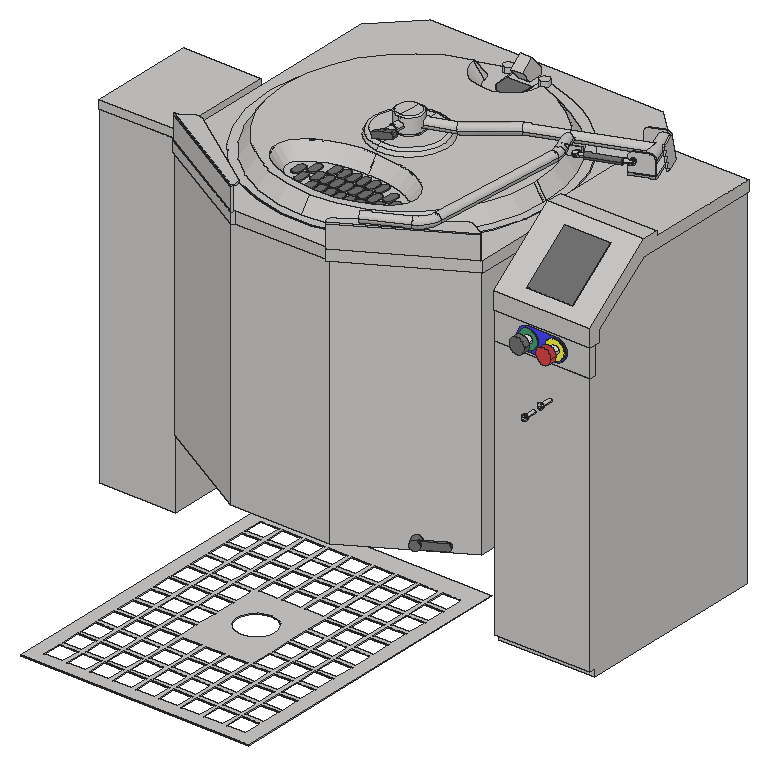
Revit family "QF_DIETATEC_CELER_150_180516035824", category Specialty Equipment, Revit 2015 (continued)
Definition of nested family "QF_Dietatec_CELER_150_FL"
  Lines and regions (mm)
    symbolic lines
      curve 132: line (568.963, -1259.201, 0) -> (568.963, -1209.201, 0)
      curve 133: line (578.963, -1259.201, 0) -> (628.963, -1259.201, 0)
      curve 134: line (578.963, -1209.201, 0) -> (578.963, -1259.201, 0)
      curve 135: line (628.963, -1209.201, 0) -> (578.963, -1209.201, 0)
      curve 136: line (628.963, -1259.201, 0) -> (628.963, -1209.201, 0)
      curve 137: line (638.963, -1259.201, 0) -> (688.963, -1259.201, 0)
      curve 138: line (638.963, -1209.201, 0) -> (638.963, -1259.201, 0)
      curve 139: line (688.963, -1209.201, 0) -> (638.963, -1209.201, 0)
      curve 140: line (688.963, -1259.201, 0) -> (688.963, -1209.201, 0)
      curve 141: line (158.963, -1199.201, 0) -> (208.963, -1199.201, 0)
      curve 142: line (158.963, -1149.201, 0) -> (158.963, -1199.201, 0)
      curve 143: line (208.963, -1149.201, 0) -> (158.963, -1149.201, 0)
      curve 144: line (208.963, -1199.201, 0) -> (208.963, -1149.201, 0)
      curve 145: line (218.963, -1199.201, 0) -> (268.963, -1199.201, 0)
      curve 146: line (218.963, -1149.201, 0) -> (218.963, -1199.201, 0)
      curve 147: line (268.963, -1149.201, 0) -> (218.963, -1149.201, 0)
      curve 148: line (268.963, -1199.201, 0) -> (268.963, -1149.201, 0)
      curve 149: line (278.963, -1199.201, 0) -> (328.963, -1199.201, 0)
      curve 150: line (278.963, -1149.201, 0) -> (278.963, -1199.201, 0)
      curve 151: line (328.963, -1149.201, 0) -> (278.963, -1149.201, 0)
      curve 152: line (328.963, -1199.201, 0) -> (328.963, -1149.201, 0)
      curve 153: line (338.963, -1199.201, 0) -> (388.963, -1199.201, 0)
      curve 154: line (338.963, -1149.201, 0) -> (338.963, -1199.201, 0)
      curve 155: line (388.963, -1149.201, 0) -> (338.963, -1149.201, 0)
      curve 156: line (388.963, -1199.201, 0) -> (388.963, -1149.201, 0)
      curve 157: line (398.963, -1199.201, 0) -> (448.963, -1199.201, 0)
      curve 158: line (398.963, -1149.201, 0) -> (398.963, -1199.201, 0)
      curve 159: line (448.963, -1149.201, 0) -> (398.963, -1149.201, 0)
      curve 160: line (448.963, -1199.201, 0) -> (448.963, -1149.201, 0)
      curve 161: line (458.963, -1199.201, 0) -> (508.963, -1199.201, 0)
      curve 162: line (458.963, -1149.201, 0) -> (458.963, -1199.201, 0)
      curve 163: line (508.963, -1149.201, 0) -> (458.963, -1149.201, 0)
      curve 164: line (508.963, -1199.201, 0) -> (508.963, -1149.201, 0)
      curve 165: line (518.963, -1199.201, 0) -> (568.963, -1199.201, 0)
      curve 166: line (518.963, -1149.201, 0) -> (518.963, -1199.201, 0)
      curve 167: line (568.963, -1149.201, 0) -> (518.963, -1149.201, 0)
      curve 168: line (568.963, -1199.201, 0) -> (568.963, -1149.201, 0)
      curve 169: line (578.963, -1199.201, 0) -> (628.963, -1199.201, 0)
      curve 170: line (578.963, -1149.201, 0) -> (578.963, -1199.201, 0)
      curve 171: line (628.963, -1149.201, 0) -> (578.963, -1149.201, 0)
      curve 172: line (628.963, -1199.201, 0) -> (628.963, -1149.201, 0)
      curve 173: line (638.963, -1199.201, 0) -> (688.963, -1199.201, 0)
      curve 174: line (638.963, -1149.201, 0) -> (638.963, -1199.201, 0)
      curve 175: line (688.963, -1149.201, 0) -> (638.963, -1149.201, 0)
      curve 176: line (688.963, -1199.201, 0) -> (688.963, -1149.201, 0)
      curve 177: line (158.963, -1139.201, 0) -> (208.963, -1139.201, 0)
      curve 178: line (158.963, -1089.201, 0) -> (158.963, -1139.201, 0)
      curve 179: line (208.963, -1089.201, 0) -> (158.963, -1089.201, 0)
      curve 180: line (208.963, -1139.201, 0) -> (208.963, -1089.201, 0)
      curve 181: line (218.963, -1139.201, 0) -> (268.963, -1139.201, 0)
      curve 182: line (218.963, -1089.201, 0) -> (218.963, -1139.201, 0)
      curve 183: line (268.963, -1089.201, 0) -> (218.963, -1089.201, 0)
      curve 184: line (268.963, -1139.201, 0) -> (268.963, -1089.201, 0)
      curve 185: line (278.963, -1139.201, 0) -> (328.963, -1139.201, 0)
      curve 186: line (278.963, -1089.201, 0) -> (278.963, -1139.201, 0)
      curve 187: line (328.963, -1089.201, 0) -> (278.963, -1089.201, 0)
      curve 188: line (328.963, -1139.201, 0) -> (328.963, -1089.201, 0)
      curve 189: line (338.963, -1139.201, 0) -> (388.963, -1139.201, 0)
      curve 190: line (338.963, -1089.201, 0) -> (338.963, -1139.201, 0)
      curve 191: line (388.963, -1089.201, 0) -> (338.963, -1089.201, 0)
      curve 192: line (388.963, -1139.201, 0) -> (388.963, -1089.201, 0)
      curve 193: line (398.963, -1139.201, 0) -> (448.963, -1139.201, 0)
      curve 194: line (398.963, -1089.201, 0) -> (398.963, -1139.201, 0)
      curve 195: line (448.963, -1089.201, 0) -> (398.963, -1089.201, 0)
      curve 196: line (448.963, -1139.201, 0) -> (448.963, -1089.201, 0)
      curve 197: line (458.963, -1139.201, 0) -> (508.963, -1139.201, 0)
      curve 198: line (458.963, -1089.201, 0) -> (458.963, -1139.201, 0)
      curve 199: line (508.963, -1089.201, 0) -> (458.963, -1089.201, 0)
      curve 200: line (508.963, -1139.201, 0) -> (508.963, -1089.201, 0)
      curve 201: line (518.963, -1139.201, 0) -> (568.963, -1139.201, 0)
      curve 202: line (518.963, -1089.201, 0) -> (518.963, -1139.201, 0)
      curve 203: line (568.963, -1089.201, 0) -> (518.963, -1089.201, 0)
      curve 204: line (568.963, -1139.201, 0) -> (568.963, -1089.201, 0)
      curve 205: line (578.963, -1139.201, 0) -> (628.963, -1139.201, 0)
      curve 206: line (578.963, -1089.201, 0) -> (578.963, -1139.201, 0)
      curve 207: line (628.963, -1089.201, 0) -> (578.963, -1089.201, 0)
      curve 208: line (628.963, -1139.201, 0) -> (628.963, -1089.201, 0)
      curve 209: line (638.963, -1139.201, 0) -> (688.963, -1139.201, 0)
      curve 210: line (638.963, -1089.201, 0) -> (638.963, -1139.201, 0)
      curve 211: line (688.963, -1089.201, 0) -> (638.963, -1089.201, 0)
      curve 212: line (688.963, -1139.201, 0) -> (688.963, -1089.201, 0)
      curve 213: line (158.963, -1079.201, 0) -> (208.963, -1079.201, 0)
      curve 214: line (158.963, -1029.201, 0) -> (158.963, -1079.201, 0)
      curve 215: line (208.963, -1029.201, 0) -> (158.963, -1029.201, 0)
      curve 216: line (208.963, -1079.201, 0) -> (208.963, -1029.201, 0)
      curve 217: line (218.963, -1079.201, 0) -> (268.963, -1079.201, 0)
      curve 218: line (218.963, -1029.201, 0) -> (218.963, -1079.201, 0)
      curve 219: line (268.963, -1029.201, 0) -> (218.963, -1029.201, 0)
      curve 220: line (268.963, -1079.201, 0) -> (268.963, -1029.201, 0)
      curve 221: line (278.963, -1079.201, 0) -> (328.963, -1079.201, 0)
      curve 222: line (278.963, -1029.201, 0) -> (278.963, -1079.201, 0)
      curve 223: line (328.963, -1029.201, 0) -> (278.963, -1029.201, 0)
      curve 224: line (328.963, -1079.201, 0) -> (328.963, -1029.201, 0)
      curve 225: line (518.963, -1079.201, 0) -> (568.963, -1079.201, 0)
      curve 226: line (518.963, -1029.201, 0) -> (518.963, -1079.201, 0)
      curve 227: line (568.963, -1029.201, 0) -> (518.963, -1029.201, 0)
      curve 228: line (568.963, -1079.201, 0) -> (568.963, -1029.201, 0)
      curve 229: line (578.963, -1079.201, 0) -> (628.963, -1079.201, 0)
      curve 230: line (578.963, -1029.201, 0) -> (578.963, -1079.201, 0)
      curve 231: line (628.963, -1029.201, 0) -> (578.963, -1029.201, 0)
      curve 232: line (628.963, -1079.201, 0) -> (628.963, -1029.201, 0)
      curve 233: line (638.963, -1079.201, 0) -> (688.963, -1079.201, 0)
      curve 234: line (638.963, -1029.201, 0) -> (638.963, -1079.201, 0)
      curve 235: line (688.963, -1029.201, 0) -> (638.963, -1029.201, 0)
      curve 236: line (688.963, -1079.201, 0) -> (688.963, -1029.201, 0)
      curve 237: line (158.963, -1019.201, 0) -> (208.963, -1019.201, 0)
      curve 238: line (158.963, -969.201, 0) -> (158.963, -1019.201, 0)
      curve 239: line (208.963, -969.201, 0) -> (158.963, -969.201, 0)
      curve 240: line (208.963, -1019.201, 0) -> (208.963, -969.201, 0)
      curve 241: line (218.963, -1019.201, 0) -> (268.963, -1019.201, 0)
      curve 242: line (218.963, -969.201, 0) -> (218.963, -1019.201, 0)
      curve 243: line (268.963, -969.201, 0) -> (218.963, -969.201, 0)
      curve 244: line (268.963, -1019.201, 0) -> (268.963, -969.201, 0)
      curve 245: line (278.963, -1019.201, 0) -> (328.963, -1019.201, 0)
      curve 246: line (278.963, -969.201, 0) -> (278.963, -1019.201, 0)
      curve 247: line (328.963, -969.201, 0) -> (278.963, -969.201, 0)
      curve 248: line (328.963, -1019.201, 0) -> (328.963, -969.201, 0)
      curve 249: line (518.963, -1019.201, 0) -> (568.963, -1019.201, 0)
      curve 250: line (518.963, -969.201, 0) -> (518.963, -1019.201, 0)
      curve 251: line (568.963, -969.201, 0) -> (518.963, -969.201, 0)
      curve 252: line (568.963, -1019.201, 0) -> (568.963, -969.201, 0)
      curve 253: line (578.963, -1019.201, 0) -> (628.963, -1019.201, 0)
      curve 254: line (578.963, -969.201, 0) -> (578.963, -1019.201, 0)
      curve 255: line (628.963, -969.201, 0) -> (578.963, -969.201, 0)
      curve 256: line (628.963, -1019.201, 0) -> (628.963, -969.201, 0)
      curve 257: line (638.963, -1019.201, 0) -> (688.963, -1019.201, 0)
      curve 258: line (638.963, -969.201, 0) -> (638.963, -1019.201, 0)
      curve 259: line (688.963, -969.201, 0) -> (638.963, -969.201, 0)
      curve 260: line (688.963, -1019.201, 0) -> (688.963, -969.201, 0)
      curve 261: line (158.963, -959.201, 0) -> (208.963, -959.201, 0)
      curve 262: line (158.963, -909.201, 0) -> (158.963, -959.201, 0)
      curve 263: line (208.963, -909.201, 0) -> (158.963, -909.201, 0)
      curve 264: line (208.963, -959.201, 0) -> (208.963, -909.201, 0)
      curve 265: line (218.963, -959.201, 0) -> (268.963, -959.201, 0)
      curve 266: line (218.963, -909.201, 0) -> (218.963, -959.201, 0)
      curve 267: line (268.963, -909.201, 0) -> (218.963, -909.201, 0)
      curve 268: line (268.963, -959.201, 0) -> (268.963, -909.201, 0)
      curve 269: line (278.963, -959.201, 0) -> (328.963, -959.201, 0)
      curve 270: line (278.963, -909.201, 0) -> (278.963, -959.201, 0)
      curve 271: line (328.963, -909.201, 0) -> (278.963, -909.201, 0)
      curve 272: line (328.963, -959.201, 0) -> (328.963, -909.201, 0)
      curve 273: line (518.963, -959.201, 0) -> (568.963, -959.201, 0)
      curve 274: line (518.963, -909.201, 0) -> (518.963, -959.201, 0)
      curve 275: line (568.963, -909.201, 0) -> (518.963, -909.201, 0)
      curve 276: line (568.963, -959.201, 0) -> (568.963, -909.201, 0)
      curve 277: line (578.963, -959.201, 0) -> (628.963, -959.201, 0)
      curve 278: line (578.963, -909.201, 0) -> (578.963, -959.201, 0)
      curve 279: line (628.963, -909.201, 0) -> (578.963, -909.201, 0)
      curve 280: line (628.963, -959.201, 0) -> (628.963, -909.201, 0)
      curve 281: line (638.963, -959.201, 0) -> (688.963, -959.201, 0)
      curve 282: line (638.963, -909.201, 0) -> (638.963, -959.201, 0)
      curve 283: line (688.963, -909.201, 0) -> (638.963, -909.201, 0)
      curve 284: line (688.963, -959.201, 0) -> (688.963, -909.201, 0)
      curve 285: line (158.963, -899.201, 0) -> (208.963, -899.201, 0)
      curve 286: line (158.963, -849.201, 0) -> (158.963, -899.201, 0)
      curve 287: line (208.963, -849.201, 0) -> (158.963, -849.201, 0)
      curve 288: line (208.963, -899.201, 0) -> (208.963, -849.201, 0)
      curve 289: line (218.963, -899.201, 0) -> (268.963, -899.201, 0)
      curve 290: line (218.963, -849.201, 0) -> (218.963, -899.201, 0)
      curve 291: line (242.625, -849.201, 0) -> (218.963, -849.201, 0)
      curve 292: line (268.963, -899.201, 0) -> (268.963, -864.407, 0)
      curve 293: line (278.963, -899.201, 0) -> (328.963, -899.201, 0)
      curve 294: line (278.963, -870.18, 0) -> (278.963, -899.201, 0)
      curve 295: line (328.963, -899.201, 0) -> (328.963, -874.954, 0)
      curve 296: line (518.963, -899.201, 0) -> (568.963, -899.201, 0)
      curve 297: line (518.963, -874.954, 0) -> (518.963, -899.201, 0)
      curve 298: line (568.963, -899.201, 0) -> (568.963, -870.18, 0)
      curve 299: line (578.963, -899.201, 0) -> (628.963, -899.201, 0)
      curve 300: line (578.963, -864.407, 0) -> (578.963, -899.201, 0)
      curve 301: line (628.963, -899.201, 0) -> (628.963, -867.899, 0)
      curve 302: line (638.963, -899.201, 0) -> (688.963, -899.201, 0)
      curve 303: line (638.963, -863.022, 0) -> (638.963, -899.201, 0)
      curve 304: line (688.963, -849.201, 0) -> (667.3, -849.201, 0)
      curve 305: line (688.963, -899.201, 0) -> (688.963, -849.201, 0)
      curve 306: arc (735.97, -766.993, 0) -> (729.638, -785.381, 0) -> (714.961, -798.14, 0) r 37.57
      curve 307: arc (726.303, -820.423, 0) -> (750.495, -799.394, 0) -> (760.931, -769.086, 0) r 61.924
      curve 308: arc (785.792, -413.556, 0) -> (785.254, -399.87, 0) -> (781.767, -386.625, 0) r 62.903
      curve 309: arc (758.563, -395.937, 0) -> (760.542, -403.456, 0) -> (760.848, -411.226, 0) r 35.711
      curve 310: line (806.484, -360.326, 0) -> (776.143, -371.973, 0)
      curve 311: line (777.218, -374.774, 0) -> (807.559, -363.127, 0)
      curve 312: line (807.559, -363.127, 0) -> (806.484, -360.326, 0)
      curve 313: line (792.347, -354.774, 0) -> (796.081, -353.34, 0)
      curve 314: line (804.654, -367.303, 0) -> (795.318, -370.886, 0)
      curve 315: line (803.116, -384.643, 0) -> (808.064, -382.743, 0)
      curve 316: line (817.683, -362.877, 0) -> (823.059, -376.88, 0)
      curve 317: line (894.237, -333.491, 0) -> (899.612, -347.494, 0)
      curve 318: line (792.347, -354.774, 0) -> (791.771, -356.066, 0)
      curve 319: line (791.771, -356.066, 0) -> (795.086, -364.701, 0)
      curve 320: line (795.318, -370.886, 0) -> (794.294, -368.219, 0)
      curve 321: line (796.081, -353.34, 0) -> (797.373, -353.916, 0)
      curve 322: line (797.373, -353.916, 0) -> (800.688, -362.551, 0)
      curve 323: line (804.654, -367.303, 0) -> (803.63, -364.635, 0)
      curve 324: line (803.116, -384.643, 0) -> (802.005, -381.749, 0)
      curve 325: line (798.739, -373.362, 0) -> (797.182, -370.171, 0)
      curve 326: line (808.064, -382.743, 0) -> (806.953, -379.849, 0)
      curve 327: line (803.769, -371.431, 0) -> (802.79, -368.018, 0)
      curve 328: line (795.079, -374.767, 0) -> (818.758, -365.677, 0)
      curve 329: line (798.304, -383.169, 0) -> (821.984, -374.08, 0)
      curve 330: arc (795.079, -374.767, 0) -> (795.405, -379.462, 0) -> (798.304, -383.169, 0) r 8.039
      curve 331: line (817.683, -362.877, 0) -> (894.237, -333.491, 0)
      curve 332: line (823.059, -376.88, 0) -> (899.612, -347.494, 0)
      curve 333: line (918.988, -327.203, 0) -> (895.312, -336.291, 0)
      curve 334: line (922.213, -335.605, 0) -> (898.537, -344.693, 0)
      curve 335: arc (918.988, -327.203, 0) -> (921.884, -330.911, 0) -> (922.213, -335.605, 0) r 8.055
      curve 336: line (914.679, -341.818, 0) -> (919.627, -339.919, 0)
      curve 337: line (919.627, -339.919, 0) -> (918.516, -337.024, 0)
      curve 338: line (915.331, -328.606, 0) -> (914.353, -325.193, 0)
      curve 339: line (914.679, -341.818, 0) -> (913.568, -338.924, 0)
      curve 340: line (910.302, -330.537, 0) -> (908.745, -327.346, 0)
      curve 341: line (906.881, -328.061, 0) -> (916.217, -324.478, 0)
      curve 342: line (916.217, -324.478, 0) -> (915.103, -321.577, 0)
      curve 343: line (906.881, -328.061, 0) -> (905.768, -325.161, 0)
      curve 344: line (903.334, -313.241, 0) -> (903.909, -311.949, 0)
      curve 345: line (903.909, -311.949, 0) -> (907.644, -310.515, 0)
      curve 346: line (907.644, -310.515, 0) -> (908.936, -311.091, 0)
      curve 347: line (908.936, -311.091, 0) -> (911.803, -318.559, 0)
      curve 348: line (903.334, -313.241, 0) -> (906.201, -320.709, 0)
      curve 349: line (883.912, -287.759, 0) -> (899.232, -327.669, 0)
      curve 350: line (118, -0.009, 0) -> (17.528, -100.481, 0)
      curve 351: line (17.528, -100.481, 0) -> (17.528, -719.241, 0)
      curve 352: line (19.933, -720.63, 0) -> (123.963, -780.691, 0)
      curve 353: line (548.244, -882.143, 0) -> (734.668, -774.51, 0)
      curve 354: line (830.397, -719.241, 0) -> (830.397, -100.481, 0)
      curve 355: line (830.397, -100.481, 0) -> (729.925, -0.009, 0)
      curve 356: line (118, -0.009, 0) -> (729.925, -0.009, 0)
      curve 357: line (1.502, -511.058, 0) -> (0, -511.058, 0)
      curve 358: line (1.502, -511.058, 0) -> (1.502, -516.614, 0)
      curve 359: line (1.502, -516.614, 0) -> (15.667, -516.614, 0)
      curve 360: line (15.667, -516.614, 0) -> (15.667, -515.478, 0)
      curve 361: line (15.667, -515.478, 0) -> (17.528, -515.478, 0)
      curve 362: line (1.502, -611.167, 0) -> (0, -611.167, 0)
      curve 363: line (1.502, -611.167, 0) -> (1.502, -605.611, 0)
      curve 364: line (1.502, -605.611, 0) -> (15.667, -605.611, 0)
      curve 365: line (15.667, -605.611, 0) -> (15.667, -606.747, 0)
      curve 366: line (15.667, -606.747, 0) -> (17.528, -606.747, 0)
      curve 367: line (846.423, -511.058, 0) -> (847.351, -511.058, 0)
      curve 368: line (846.423, -511.058, 0) -> (846.423, -516.614, 0)
      curve 369: line (846.423, -516.614, 0) -> (831.423, -516.614, 0)
      curve 370: line (832.258, -516.614, 0) -> (832.258, -515.478, 0)
      curve 371: line (832.258, -515.478, 0) -> (830.397, -515.478, 0)
      curve 372: line (846.423, -611.167, 0) -> (847.351, -611.167, 0)
      curve 373: line (846.423, -611.167, 0) -> (846.423, -605.611, 0)
      curve 374: line (846.423, -605.611, 0) -> (832.258, -605.611, 0)
      curve 375: line (832.258, -605.611, 0) -> (832.258, -606.747, 0)
      curve 376: line (832.258, -606.747, 0) -> (830.397, -606.747, 0)
      curve 377: line (787.247, -764.939, 0) -> (789.747, -769.269, 0)
      curve 378: line (789.747, -769.269, 0) -> (756.326, -788.564, 0)
      curve 379: line (787.247, -764.939, 0) -> (758.819, -781.351, 0)
      curve 380: arc (417.166, -548.182, 0) -> (326.772, -444.196, 0) -> (430.759, -353.802, 0) r 97.428
      curve 381: arc (430.759, -353.802, 0) -> (476.735, -369.094, 0) -> (509.659, -404.642, 0) r 97.428
      curve 382: line (21.683, -717.599, 0) -> (19.933, -720.63, 0)
      curve 383: line (28.256, -715.851, 0) -> (21.683, -717.599, 0)
      curve 384: line (56.229, -699.701, 0) -> (28.256, -715.851, 0)
      curve 385: arc (77.724, -700.639, 0) -> (67.113, -697.037, 0) -> (56.229, -699.701, 0) r 20.022
      curve 386: line (295.378, -853.042, 0) -> (77.724, -700.639, 0)
      curve 387: arc (301.234, -879.454, 0) -> (303.441, -865.11, 0) -> (295.378, -853.042, 0) r 20.022
      curve 388: line (299.681, -882.143, 0) -> (301.234, -879.454, 0)
      curve 389: line (123.963, -780.691, 0) -> (299.681, -882.143, 0)
      curve 390: line (303.831, -874.954, 0) -> (544.094, -874.954, 0)
      curve 391: arc (552.547, -853.042, 0) -> (544.484, -865.11, 0) -> (546.691, -879.454, 0) r 20.022
      curve 392: line (546.691, -879.454, 0) -> (548.244, -882.143, 0)
      curve 393: line (770.201, -700.639, 0) -> (765.486, -703.94, 0)
      curve 394: arc (791.696, -699.701, 0) -> (780.812, -697.037, 0) -> (770.201, -700.639, 0) r 20.022
      curve 395: line (819.669, -715.851, 0) -> (791.696, -699.701, 0)
      curve 396: line (826.242, -717.599, 0) -> (819.669, -715.851, 0)
      curve 397: line (827.992, -720.63, 0) -> (826.242, -717.599, 0)
      curve 398: line (707.033, -802.007, 0) -> (702.036, -793.351, 0)
      curve 399: line (727.082, -788.746, 0) -> (722.815, -781.354, 0)
      curve 400: arc (373.388, -53.748, 0) -> (333.109, -65.59, 0) -> (293.965, -80.765, 0) r 500.546
      curve 401: arc (293.965, -80.765, 0) -> (251.378, -100.836, 0) -> (211.77, -126.287, 0) r 360.393
      curve 402: arc (211.77, -126.287, 0) -> (91.855, -260.942, 0) -> (48.553, -435.976, 0) r 375.41
      curve 403: line (48.553, -435.976, 0) -> (48.553, -450.992, 0)
      curve 404: arc (48.553, -450.992, 0) -> (322.372, -812.395, 0) -> (744.389, -646.591, 0) r 375.41
      curve 405: line (799.372, -450.992, 0) -> (799.372, -435.976, 0)
      curve 406: arc (799.372, -435.976, 0) -> (795.269, -380.621, 0) -> (783.048, -326.477, 0) r 375.41
      curve 407: arc (553.96, -80.765, 0) -> (514.816, -65.59, 0) -> (474.537, -53.748, 0) r 500.546
      curve 408: arc (636.155, -126.287, 0) -> (596.547, -100.836, 0) -> (553.96, -80.765, 0) r 360.393
      curve 409: arc (471.472, -78.41, 0) -> (458.953, -65.891, 0) -> (471.472, -53.372, 0) r 12.519
      curve 410: arc (471.472, -53.372, 0) -> (483.991, -65.891, 0) -> (471.472, -78.41, 0) r 12.519
      curve 411: line (459.001, -63.727, 0) -> (459.001, -79.406, 0)
      curve 412: arc (454.98, -123.634, 0) -> (457.993, -101.611, 0) -> (459.001, -79.406, 0) r 245.268
      curve 413: arc (392.945, -123.634, 0) -> (423.963, -149.482, 0) -> (454.98, -123.634, 0) r 31.534
      curve 414: arc (389.143, -89.77, 0) -> (390.455, -106.768, 0) -> (392.945, -123.634, 0) r 245.268
      curve 415: arc (392.945, -123.634, 0) -> (389.932, -101.611, 0) -> (388.924, -79.406, 0) r 245.268
      curve 416: line (388.924, -79.406, 0) -> (388.924, -63.727, 0)
      curve 417: arc (376.453, -78.41, 0) -> (388.972, -65.891, 0) -> (376.453, -53.372, 0) r 12.519
      curve 418: arc (376.453, -53.372, 0) -> (363.934, -65.891, 0) -> (376.453, -78.41, 0) r 12.519
      curve 419: arc (458.782, -89.77, 0) -> (448.89, -88.953, 0) -> (438.979, -88.407, 0) r 362.896
      curve 420: line (408.946, -37.248, 0) -> (408.946, -98.033, 0)
      curve 421: line (408.946, -98.033, 0) -> (438.979, -98.033, 0)
      curve 422: line (438.979, -98.033, 0) -> (438.979, -37.248, 0)
      curve 423: line (408.946, -73.721, 0) -> (438.979, -73.721, 0)
      curve 424: line (438.979, -37.248, 0) -> (408.946, -37.248, 0)
      curve 425: arc (330.575, -127.323, 0) -> (161.603, -245.354, 0) -> (96.697, -440.981, 0) r 327.265
      curve 426: arc (336.201, -130.917, 0) -> (334.209, -127.834, 0) -> (330.575, -127.323, 0) r 4.413
      curve 427: arc (511.724, -130.917, 0) -> (423.963, -206.817, 0) -> (336.201, -130.917, 0) r 88.689
      curve 428: arc (517.35, -127.323, 0) -> (513.716, -127.834, 0) -> (511.724, -130.917, 0) r 4.413
      curve 429: arc (751.228, -440.981, 0) -> (747.555, -392.091, 0) -> (736.62, -344.299, 0) r 327.265
      curve 430: line (96.697, -440.981, 0) -> (96.697, -450.992, 0)
      curve 431: arc (96.697, -450.992, 0) -> (423.963, -778.257, 0) -> (751.228, -450.992, 0) r 327.265
      curve 432: line (751.228, -450.992, 0) -> (751.228, -440.981, 0)
      curve 433: line (158.963, -839.201, 0) -> (158.963, -800.898, 0)
      curve 434: line (158.963, -839.201, 0) -> (208.963, -839.201, 0)
      curve 435: line (208.963, -839.201, 0) -> (208.963, -829.766, 0)
      curve 436: line (761.64, -758.938, 0) -> (827.992, -720.63, 0)
      curve 437: line (723.963, -821.565, 0) -> (726.303, -820.423, 0)
      curve 438: line (761.64, -758.938, 0) -> (785.792, -413.556, 0)
      curve 439: arc (518.633, -427.976, 0) -> (498.413, -513.836, 0) -> (417.166, -548.182, 0) r 97.428
      curve 440: arc (728.324, -320.705, 0) -> (645.097, -199.73, 0) -> (517.35, -127.323, 0) r 327.265
      curve 441: arc (774.958, -302.804, 0) -> (719.063, -203.924, 0) -> (636.155, -126.287, 0) r 375.41
      curve 442: arc (773.618, -587.641, 0) -> (792.877, -520.52, 0) -> (799.372, -450.992, 0) r 375.41
      curve 443: line (739.086, -722.426, 0) -> (552.547, -853.042, 0)
      curve 444: arc (408.946, -88.407, 0) -> (399.035, -88.953, 0) -> (389.143, -89.77, 0) r 362.896
      curve 445: spline (423.963, -757.947, 0) -> (376.081, -754.539, 0) -> (331.463, -744.549, 0) -> (293.148, -728.657, 0) -> (263.748, -707.947, 0) -> (245.266, -683.829, 0) -> (238.963, -657.947, 0) -> (245.266, -632.065, 0) -> (263.748, -607.947, 0) -> (293.148, -587.236, 0) -> (331.463, -571.344, 0) -> (376.081, -561.354, 0) -> (423.963, -557.947, 0)
      curve 446: spline (423.963, -557.947, 0) -> (471.844, -561.354, 0) -> (516.463, -571.344, 0) -> (554.777, -587.236, 0) -> (584.177, -607.947, 0) -> (602.659, -632.065, 0) -> (608.963, -657.947, 0) -> (602.659, -683.829, 0) -> (584.177, -707.947, 0) -> (554.777, -728.657, 0) -> (516.463, -744.549, 0) -> (471.844, -754.539, 0) -> (423.963, -757.947, 0)
      curve 447: spline (423.963, -729.201, 0) -> (464.6, -726.773, 0) -> (502.469, -719.655, 0) -> (534.987, -708.331, 0) -> (559.94, -693.574, 0) -> (575.625, -676.389, 0) -> (580.975, -657.947, 0) -> (575.625, -639.505, 0) -> (559.94, -622.32, 0) -> (534.987, -607.562, 0) -> (502.469, -596.239, 0) -> (464.6, -589.12, 0) -> (423.963, -586.692, 0)
      curve 448: spline (423.963, -586.692, 0) -> (383.325, -589.12, 0) -> (345.456, -596.239, 0) -> (312.938, -607.562, 0) -> (287.985, -622.32, 0) -> (272.3, -639.505, 0) -> (266.95, -657.947, 0) -> (272.3, -676.389, 0) -> (287.985, -693.574, 0) -> (312.938, -708.331, 0) -> (345.456, -719.655, 0) -> (383.325, -726.773, 0) -> (423.963, -729.201, 0)
      curve 449: line (288.278, -647.947, 0) -> (288.278, -667.947, 0)
      curve 450: arc (308.278, -647.947, 0) -> (298.278, -637.947, 0) -> (288.278, -647.947, 0) r 10
      curve 451: line (308.278, -667.947, 0) -> (308.278, -647.947, 0)
      curve 452: arc (288.278, -667.947, 0) -> (298.278, -677.947, 0) -> (308.278, -667.947, 0) r 10
      curve 453: line (313.278, -670.447, 0) -> (313.278, -690.447, 0)
      curve 454: arc (313.278, -690.447, 0) -> (323.278, -700.447, 0) -> (333.278, -690.447, 0) r 10
      curve 455: line (333.278, -690.447, 0) -> (333.278, -670.447, 0)
      curve 456: arc (333.278, -670.447, 0) -> (323.278, -660.447, 0) -> (313.278, -670.447, 0) r 10
      curve 457: arc (313.278, -645.447, 0) -> (323.278, -655.447, 0) -> (333.278, -645.447, 0) r 10
      curve 458: line (313.278, -625.447, 0) -> (313.278, -645.447, 0)
      curve 459: arc (333.278, -625.447, 0) -> (323.278, -615.447, 0) -> (313.278, -625.447, 0) r 10
      curve 460: line (333.278, -645.447, 0) -> (333.278, -625.447, 0)
      curve 461: arc (358.278, -647.947, 0) -> (348.278, -637.947, 0) -> (338.278, -647.947, 0) r 10
      curve 462: line (338.278, -647.947, 0) -> (338.278, -667.947, 0)
      curve 463: line (358.278, -667.947, 0) -> (358.278, -647.947, 0)
      curve 464: arc (338.278, -667.947, 0) -> (348.278, -677.947, 0) -> (358.278, -667.947, 0) r 10
      curve 465: arc (370.778, -688.947, 0) -> (360.778, -678.947, 0) -> (350.778, -688.947, 0) r 10
      curve 466: line (350.778, -688.947, 0) -> (350.778, -708.947, 0)
      curve 467: arc (350.778, -708.947, 0) -> (360.778, -718.947, 0) -> (370.778, -708.947, 0) r 10
      curve 468: line (370.778, -708.947, 0) -> (370.778, -688.947, 0)
      curve 469: line (375.778, -688.947, 0) -> (375.778, -708.947, 0)
      curve 470: arc (395.778, -688.947, 0) -> (385.778, -678.947, 0) -> (375.778, -688.947, 0) r 10
      curve 471: line (395.778, -708.947, 0) -> (395.778, -688.947, 0)
      curve 472: arc (375.778, -708.947, 0) -> (385.778, -718.947, 0) -> (395.778, -708.947, 0) r 10
      curve 473: arc (400.778, -708.947, 0) -> (410.778, -718.947, 0) -> (420.778, -708.947, 0) r 10
      curve 474: line (400.778, -688.947, 0) -> (400.778, -708.947, 0)
      curve 475: arc (420.778, -688.947, 0) -> (410.778, -678.947, 0) -> (400.778, -688.947, 0) r 10
      curve 476: line (420.778, -708.947, 0) -> (420.778, -688.947, 0)
      curve 477: line (425.778, -688.947, 0) -> (425.778, -708.947, 0)
      curve 478: arc (445.778, -688.947, 0) -> (435.778, -678.947, 0) -> (425.778, -688.947, 0) r 10
      curve 479: line (445.778, -708.947, 0) -> (445.778, -688.947, 0)
      curve 480: arc (425.778, -708.947, 0) -> (435.778, -718.947, 0) -> (445.778, -708.947, 0) r 10
      curve 481: arc (450.778, -708.947, 0) -> (460.778, -718.947, 0) -> (470.778, -708.947, 0) r 10
      curve 482: line (450.778, -688.947, 0) -> (450.778, -708.947, 0)
      curve 483: arc (470.778, -688.947, 0) -> (460.778, -678.947, 0) -> (450.778, -688.947, 0) r 10
      curve 484: line (470.778, -708.947, 0) -> (470.778, -688.947, 0)
      curve 485: line (475.778, -688.947, 0) -> (475.778, -708.947, 0)
      curve 486: arc (495.778, -688.947, 0) -> (485.778, -678.947, 0) -> (475.778, -688.947, 0) r 10
      curve 487: line (495.778, -708.947, 0) -> (495.778, -688.947, 0)
      curve 488: arc (475.778, -708.947, 0) -> (485.778, -718.947, 0) -> (495.778, -708.947, 0) r 10
      curve 489: arc (363.278, -667.947, 0) -> (373.278, -677.947, 0) -> (383.278, -667.947, 0) r 10
      curve 490: line (363.278, -647.947, 0) -> (363.278, -667.947, 0)
      curve 491: arc (383.278, -647.947, 0) -> (373.278, -637.947, 0) -> (363.278, -647.947, 0) r 10
      curve 492: line (383.278, -667.947, 0) -> (383.278, -647.947, 0)
      curve 493: arc (388.278, -667.947, 0) -> (398.278, -677.947, 0) -> (408.278, -667.947, 0) r 10
      curve 494: arc (408.278, -647.947, 0) -> (398.278, -637.947, 0) -> (388.278, -647.947, 0) r 10
      curve 495: line (388.278, -647.947, 0) -> (388.278, -667.947, 0)
      curve 496: line (408.278, -667.947, 0) -> (408.278, -647.947, 0)
      curve 497: arc (413.278, -667.947, 0) -> (423.278, -677.947, 0) -> (433.278, -667.947, 0) r 10
      curve 498: line (413.278, -647.947, 0) -> (413.278, -667.947, 0)
      curve 499: arc (433.278, -647.947, 0) -> (423.278, -637.947, 0) -> (413.278, -647.947, 0) r 10
      curve 500: line (433.278, -667.947, 0) -> (433.278, -647.947, 0)
      curve 501: line (438.278, -647.947, 0) -> (438.278, -667.947, 0)
      curve 502: arc (458.278, -647.947, 0) -> (448.278, -637.947, 0) -> (438.278, -647.947, 0) r 10
      curve 503: line (458.278, -667.947, 0) -> (458.278, -647.947, 0)
      curve 504: arc (438.278, -667.947, 0) -> (448.278, -677.947, 0) -> (458.278, -667.947, 0) r 10
      curve 505: arc (463.278, -667.947, 0) -> (473.278, -677.947, 0) -> (483.278, -667.947, 0) r 10
      curve 506: arc (483.278, -647.947, 0) -> (473.278, -637.947, 0) -> (463.278, -647.947, 0) r 10
      curve 507: line (463.278, -647.947, 0) -> (463.278, -667.947, 0)
      curve 508: line (483.278, -667.947, 0) -> (483.278, -647.947, 0)
      curve 509: arc (488.278, -667.947, 0) -> (498.278, -677.947, 0) -> (508.278, -667.947, 0) r 10
      curve 510: line (488.278, -647.947, 0) -> (488.278, -667.947, 0)
      curve 511: arc (508.278, -647.947, 0) -> (498.278, -637.947, 0) -> (488.278, -647.947, 0) r 10
      curve 512: line (508.278, -667.947, 0) -> (508.278, -647.947, 0)
      curve 513: line (513.278, -670.447, 0) -> (513.278, -690.447, 0)
      curve 514: arc (533.278, -670.447, 0) -> (523.278, -660.447, 0) -> (513.278, -670.447, 0) r 10
      curve 515: line (533.278, -690.447, 0) -> (533.278, -670.447, 0)
      curve 516: arc (513.278, -690.447, 0) -> (523.278, -700.447, 0) -> (533.278, -690.447, 0) r 10
      curve 517: arc (538.278, -667.947, 0) -> (548.278, -677.947, 0) -> (558.278, -667.947, 0) r 10
      curve 518: line (538.278, -647.947, 0) -> (538.278, -667.947, 0)
      curve 519: arc (558.278, -647.947, 0) -> (548.278, -637.947, 0) -> (538.278, -647.947, 0) r 10
      curve 520: line (558.278, -667.947, 0) -> (558.278, -647.947, 0)
      curve 521: arc (513.278, -645.447, 0) -> (523.278, -655.447, 0) -> (533.278, -645.447, 0) r 10
      curve 522: line (533.278, -645.447, 0) -> (533.278, -625.447, 0)
      curve 523: arc (533.278, -625.447, 0) -> (523.278, -615.447, 0) -> (513.278, -625.447, 0) r 10
      curve 524: line (513.278, -625.447, 0) -> (513.278, -645.447, 0)
      curve 525: arc (350.778, -626.947, 0) -> (360.778, -636.947, 0) -> (370.778, -626.947, 0) r 10
      curve 526: line (350.778, -606.947, 0) -> (350.778, -626.947, 0)
      curve 527: arc (370.778, -606.947, 0) -> (360.778, -596.947, 0) -> (350.778, -606.947, 0) r 10
      curve 528: line (370.778, -626.947, 0) -> (370.778, -606.947, 0)
      curve 529: line (375.778, -606.947, 0) -> (375.778, -626.947, 0)
      curve 530: arc (395.778, -606.947, 0) -> (385.778, -596.947, 0) -> (375.778, -606.947, 0) r 10
      curve 531: line (395.778, -626.947, 0) -> (395.778, -606.947, 0)
      curve 532: arc (375.778, -626.947, 0) -> (385.778, -636.947, 0) -> (395.778, -626.947, 0) r 10
      curve 533: arc (400.778, -626.947, 0) -> (410.778, -636.947, 0) -> (420.778, -626.947, 0) r 10
      curve 534: line (400.778, -606.947, 0) -> (400.778, -626.947, 0)
      curve 535: arc (420.778, -606.947, 0) -> (410.778, -596.947, 0) -> (400.778, -606.947, 0) r 10
      curve 536: line (420.778, -626.947, 0) -> (420.778, -606.947, 0)
      curve 537: line (425.778, -606.947, 0) -> (425.778, -626.947, 0)
      curve 538: arc (445.778, -606.947, 0) -> (435.778, -596.947, 0) -> (425.778, -606.947, 0) r 10
      curve 539: line (445.778, -626.947, 0) -> (445.778, -606.947, 0)
      curve 540: arc (425.778, -626.947, 0) -> (435.778, -636.947, 0) -> (445.778, -626.947, 0) r 10
      curve 541: arc (450.778, -626.947, 0) -> (460.778, -636.947, 0) -> (470.778, -626.947, 0) r 10
      curve 542: line (450.778, -606.947, 0) -> (450.778, -626.947, 0)
      curve 543: arc (470.778, -606.947, 0) -> (460.778, -596.947, 0) -> (450.778, -606.947, 0) r 10
      curve 544: line (470.778, -626.947, 0) -> (470.778, -606.947, 0)
      curve 545: line (475.778, -606.947, 0) -> (475.778, -626.947, 0)
      curve 546: arc (495.778, -606.947, 0) -> (485.778, -596.947, 0) -> (475.778, -606.947, 0) r 10
      curve 547: line (495.778, -626.947, 0) -> (495.778, -606.947, 0)
      curve 548: arc (475.778, -626.947, 0) -> (485.778, -636.947, 0) -> (495.778, -626.947, 0) r 10
  Dimensions and locks
    plane 3 "Left" to plane 4 "Right" = 1101.351 mm
    plane 5 "Front" to plane 1 "Back" = 882.143 mm
    Extrusion 32 to Extrusion 32 = 1304.573 mm
    aligned and locked: level to plane 2
  Connectors
    electrical at (954.351, -182.201, 120), driven by "Apparent Power", driven by "Volts", driven by "Number of Poles"
      settings: on Extrusion 35, index 4, voltage 230 V, apparent load 0 VA, apparent load phase1 750 VA, apparent load phase2 0 VA, apparent load phase3 0 VA, power factor 1, load classification none, number of poles 1, system type 31, power factor state 1, is connector primary yes, connector utility no, sub classification motor no, connector description "electrical connection"
    piping at (1024.351, -182.201, 120), diameter 12.7, driven by "Cold Water Size", driven by "Cold Water Flow"
      settings: on Extrusion 34, index 5, connector inside diameter 609.6 mm, connector length 0 mm, flow factor 0, pipe flow 0.0 L/s, pressure drop 0.0 Pa, fitting loss kfactor 0, connector angle 0.00°, fixture units 0, engagement length 0 mm, angle of deflection 0.00°, flow configuration 1, flow direction 1, fitting loss method 0, system type 20, joint type 0, gender type 0, connector reference index -1, connector utility 0, adjustable connector no, is connector primary yes, connector description "water inlet"
Definition of nested family "QF_Dietatec_KETTLE_LEFT_LEG"
  Parameters (values of type "KETTLE_LEFT_LEG")
    Width [instance] = 0 mm
    Weight in Pounds = 0
    URL Cutsheet = "www.dietatec.com"
    URL = "www.dietatec.com"
    Status [instance] = ""
    Specification by User [instance] = ""
    Specification by Manufacturer = ""
    Show Logo [instance] = yes
    Show Clearance [instance] = yes
    Serial Number = ""
    Seismic Rating = ""
    SMACNA No = ""
    Revision Code [instance] = ""
    NAFEM Spec ID Number = ""
    Model = "KETTLE_LEFT_LEG"
    Masterspec = ""
    Manufacturer = "DIETATEC"
    ListPrice [instance] = 0
    Item Number [instance] = ""
    Installed By [instance] = ""
    Identify Quantity as Lot [instance] = no
    Height [instance] = 0 mm
    Furnished By [instance] = ""
    Foodservice Equipment Identifier [instance] = yes
    Description = "LEFT LEG OF C-CLASSIC AND CELER MODELS"
    Depth [instance] = 0 mm
    CSI MasterFormat = ""
    Assembly Code = "E1090320"
  Reference planes
    plane 1 "Back": y = 0
    plane 2: z = 0
    plane 3 "Left": x = 0
    plane 4 "Right": x = 1153.5
    plane 5 "Front": y = -770
    plane 6 "Top": z = 1000
  Forms (mm)
    Extrusion 1, solid
      sketch origin (-203, 0, 0) x (1, 0, 0) y (0, 1, 0)
        loop
          line (201.5, -326) -> (1.5, -326) -> (1.5, -601) -> (201.5, -601) -> (201.5, -326)
      from 0 to 880
    Extrusion 2, solid
      sketch origin (-1081.5, -472.5, -153) x (1, 0, 0) y (0, 0, 1)
        loop
          circle (930, 278) r 15
      from -150 to -146.5
    Extrusion 3, solid
      sketch origin (-981.5, -472.5, -153) x (1, 0, 0) y (0, 0, 1)
        loop
          circle (930, 278) r 15
      from -150 to -146.5
    Extrusion 4, solid
      sketch origin (-203, 0, 880) x (1, 0, 0) y (0, 1, 0)
        loop
          line (203, -324.5) -> (0, -324.5) -> (0, -602.5) -> (203, -602.5) -> (203, -324.5)
      from 0 to 21
  Lines and regions (mm)
    symbolic lines
      curve 1: line (0, -324.5, 0) -> (-203, -324.5, 0)
      curve 2: line (0, -602.5, 0) -> (0, -324.5, 0)
      curve 3: line (-203, -602.5, 0) -> (0, -602.5, 0)
      curve 4: line (-203, -324.5, 0) -> (-203, -602.5, 0)
  Dimensions and locks
    plane 3 "Left" to plane 4 "Right" = 1153.5 mm
    plane 5 "Front" to plane 1 "Back" = 770 mm
    aligned and locked: level to plane 2
